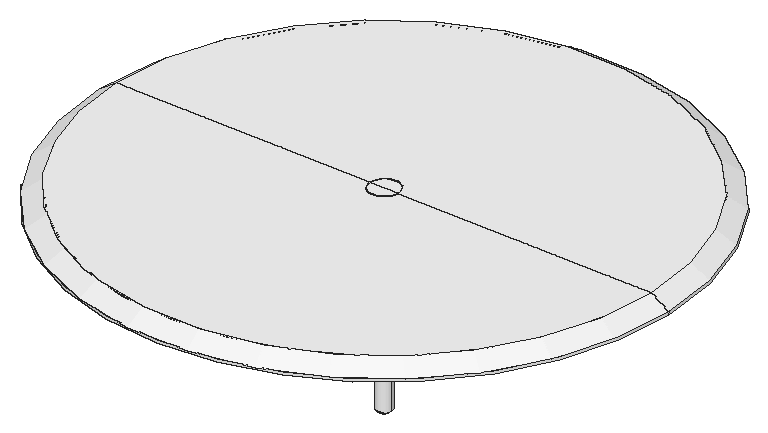
Revit family "Plumbing Fixture-FloorDrain_Mifab_C1400-RD", category Plumbing Fixtures, host Face, Revit 2013
Parameters (values of type "10"")
  WFU = 0
  URL = "WWW.MIFAB.COM"
  Stainer Radius = Stainer Diameter / 2  # 5.000"
  Stainer Diameter = 10.000"
  Model = "C1400-RD"
  Manufacturer = "MIFAB"
  Floor Drain Material = Paint - Sherwin Williams Paint - #952C2A - Bellwood Red
  Description = "STAINLESS STEEL ROUND, SMOOTH, WALL ACCESS COVER WITH SCREW"
  Default Elevation = 0.000"
  Body Height = 3.500"
Types (7): name | Stainer Radius | Stainer Diameter | Description
  (no name) | 5.000" | 10.000" | "STAINLESS STEEL ROUND, SMOOTH, WALL ACCESS COVER WITH SCREW"
  3" | 1.500" | 3.000" | "STAINLESS STEEL ROUND, SMOOTH, WALL ACCESS COVER WITH SCREW"
  4" | 2.000" | 4.000" | "STAINLESS STEEL ROUND, SMOOTH, WALL ACCESS COVER WITH SCREW"
  6" | 3.000" | 6.000" | "STAINLESS STEEL ROUND, SMOOTH,WALL ACCESS COVER WITH SCREW"
  8" | 4.000" | 8.000" | "STAINLESS STEEL ROUND, SMOOTH, WALL ACCESS COVER WITH SCREW"
  5" | 2.500" | 5.000" | "STAINLESS STEEL ROUND, SMOOTH, WALL ACCESS COVER WITH SCREW"
  10" | 5.000" | 10.000" | "STAINLESS STEEL ROUND, SMOOTH, WALL ACCESS COVER WITH SCREW"
Reference planes (in)
  plane 1 "Center (Front/Back)": y = 0
  plane 2: z = 0
  plane 3 "Center (Left/Right)": x = 0
  plane 4: y = -5
  plane 5: y = 5
  plane 6: x = 5
  plane 7: x = -5
  plane 8: z = -3.5
Forms (in)
  Revolve 1, solid, material "Paint - Sherwin Williams Paint - #952C2A - Bellwood Red" <- "Floor Drain Material"
    sketch origin (0, 0, 0) x (1, 0, 0) y (0, 0, 1)
      loop
        line (4.67136, -0.03) -> (5, -0.2491) -> (5, -0.2) -> (4.7, 0) -> (0.25414, 0) -> (0.13207, -0.12207) -> (0.15724, -0.14724) -> (0.26657, -0.03) -> (4.67136, -0.03)
      axis (0, -0.2491) -> (0, 0)
    angle from 0 to 360
  Revolve 2, solid, material "Paint - Sherwin Williams Paint - #952C2A - Bellwood Red" <- "Floor Drain Material"
    sketch origin (0, 0, 0) x (1, 0, 0) y (0, 0, 1)
      loop
        line (-0.24, 0) -> (-0.125, -0.115) -> (-0.125, -3.47) -> (-0.095, -3.5) -> (0, -3.5) -> (0, 0) -> (-0.24, 0)
      axis (0, 0) -> (0, -3.5)
    angle from 0 to 360
Lines and regions (in)
  symbolic lines
    curve 1: circle (0, 0, 0) r 5 normal (0, 0, 1)
Dimensions and locks (in)
  "Stainer Diameter": plane 5 to plane 4
  equal spacing: plane 5, plane 1 "Center (Front/Back)", plane 4
  equal spacing: plane 6, plane 3 "Center (Left/Right)", plane 7
  "Stainer Diameter": plane 6 to plane 7
  locked: Revolve 1 sketch curve to Revolve 1 sketch curve at 0.13207
  locked: Revolve 1 sketch curve to Revolve 1 sketch curve at 0.04085
  locked: plane 6 to Revolve 1 sketch curve at 0.3
  locked: plane 6 to Revolve 1 sketch curve at 0.32864
  locked: Revolve 1 sketch curve to plane 3 "Center (Left/Right)" at 0.25414
  locked: Revolve 1 sketch curve to Revolve 1 sketch curve at 0.26657
  "Body Height": host face to plane 8
  "Stainer Radius": radius of curve 1
  aligned and locked: plane 2 to host face
  aligned and locked: level to host face
  aligned and locked: plane 1 "Center (Front/Back)" to curve 1
  aligned and locked: plane 3 "Center (Left/Right)" to curve 1
  aligned and locked: plane 3 "Center (Left/Right)" to Revolve 1 sketch curve
  aligned and locked: Revolve 1 sketch curve to plane 6
  aligned and locked: Revolve 2 sketch curve to plane 3 "Center (Left/Right)"
  aligned and locked: Revolve 2 sketch curve to plane 8
Automatic sketch dimensions
  host sketch curve to host sketch curve = 96.000"  (x2)
  Revolve 1 sketch curve to level = 0.000"  (x2)
  Revolve 1 sketch curve to level = 0.030"
  Revolve 1 sketch curve to level = 0.14724"
  Revolve 1 sketch curve to Revolve 1 sketch curve = 2.38276"
  plane 3 "Center (Left/Right)" to Revolve 1 sketch curve = 0.15724"
  Revolve 2 sketch curve to level = 0.000"
  Revolve 2 sketch curve to plane 3 "Center (Left/Right)" = 0.000"
  plane 8 to Revolve 2 sketch curve = 0.030"
  Revolve 2 sketch curve to plane 3 "Center (Left/Right)" = 0.095"
  Revolve 2 sketch curve to plane 3 "Center (Left/Right)" = 0.125"
  Revolve 2 sketch curve to Revolve 2 sketch curve = 0.115"
  Revolve 2 sketch curve to level = 0.115"
  Revolve 2 sketch curve to plane 8 = 0.478"
  Revolve 2 sketch curve to Revolve 2 sketch curve = 0.12207"
  plane 1 "Center (Front/Back)" to curve 1 = 0.000"
  curve 1 to plane 3 "Center (Left/Right)" = 0.000"
